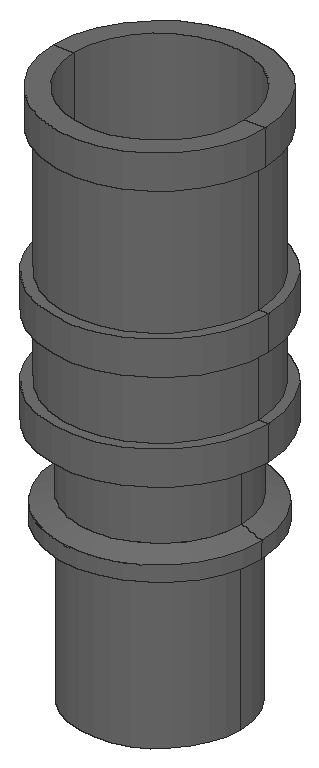
Revit family "Quick_Coupling-Grohe-64999", category Plumbing Fixtures, Revit 2019
Family settings
  Round Connector Dimension = Use Diameter
  Part Type = Normal
  OmniClass Number = 23.60.30.11.14
  OmniClass Title = Pipework Fittings
  Work Plane-Based = Yes
  Always vertical = No
  Cut with Voids When Loaded = No
  Shared = Yes
  Room Calculation Point = No
Parameters (values of type "64999")
  Width = 1"
  Waste Connection = no
  Vent Connection = no
  URL = "https://www.grohe.us/"
  Tempered Water Connection Radius = Tempered Water Connection Diameter / 2  # 1/2"
  Tempered Water Connection Diameter = 1"
  Tempered Water Connection = yes
  Product Page URL = "https://www.grohe.us/Bathroom-Faucet-Fittings-and-Spare-Parts/Quick-Coupling/GROHE-CHROME-64999000"
  Price = "Prices may vary. Please consult Manufacturer Representative for most up-to-date price list."  # constant formula
  Model = "64999"
  Material = "Plastic-Grohe-Black"
  Manufacturer = "Grohe"
  Length = 1"
  Height = 2 1/2"
  HW Connection = no
  Flow Rate = "1.5 gpm"
  Finish = Plastic-Grohe-Black
  Description = "Universal Quick Coupling"
  Default Elevation = 0"
  Creation Date = "04/20/2022"  # constant formula
  CW Connection = no
  Assembly Code = "D2040100"
Reference planes (in)
  plane 1 "Center (Front/Back)": y = 0
  plane 2: z = 0
  plane 3 "Center (Left/Right)": x = 0
  plane 4: z = 2.5
  plane 5: x = -0.5
  plane 6: x = 0.5
Forms (in)
  Revolve 1, solid, material "Plastic-Grohe-Black" <- "Finish"
    sketch origin (0, 0, 0) x (1, 0, 0) y (0, 0, 1)
      loop
        line (-0.37619, 1.14063) -> (-0.37619, 0.84239) -> (-0.46875, 0.80469) -> (-0.46875, 0.73396) -> (-0.37225, 0.73396) -> (-0.37225, 0) -> (-0.33558, 0) -> (-0.33558, 0.73396) -> (-0.33558, 1.29679) -> (-0.39062, 1.29679) -> (-0.39062, 2.5) -> (-0.48437, 2.5) -> (-0.48437, 2.34384) -> (-0.45312, 2.34384) -> (-0.45312, 1.74672) -> (-0.5, 1.74672) -> (-0.5, 1.59056) -> (-0.45312, 1.59056) -> (-0.45312, 1.29679) -> (-0.5, 1.29679) -> (-0.5, 1.14063) -> (-0.37619, 1.14063)
      axis (0, 2.5) -> (0, 0)
    angle from 0 to 360
Lines and regions (in)
  Masking region 1
    outline origin (0, 0, 0) x (1, 0, 0) y (0, 1, 0)
      loop
        circle (0, 0) r 0.5
  symbolic lines, detail levels medium+fine
    curve 1: arc (-0.07777, 0, 0) -> (0, 0.07777, 0) -> (0.07777, 0, 0) r 0.07777
    curve 2: arc (0.07777, 0, 0) -> (0, -0.07777, 0) -> (-0.07777, 0, 0) r 0.07777
  symbolic lines, detail levels fine
    curve 3: arc (-0.3125, 0, 0) -> (0, 0.3125, 0) -> (0.3125, 0, 0) r 0.3125
    curve 4: arc (0.3125, 0, 0) -> (0, -0.3125, 0) -> (-0.3125, 0, 0) r 0.3125
Dimensions and locks (in)
  "Height": plane 4 to plane 2
  "Width": plane 6 to plane 5
  equal spacing: plane 6, plane 3 "Center (Left/Right)", plane 5  (x2)
  plane 4 to Revolve 1 sketch curve to Revolve 1 sketch curve to Revolve 1 sketch curve to Revolve 1 sketch curve to Revolve 1 sketch curve = 0.15616" locked, 0.59711" locked, 0.15616" locked, 0.29377" locked, 0.15616" locked
  plane 5 to plane 6 = 1"
Automatic sketch dimensions
  plane 1 "Center (Front/Back)" to curve 1 = 0"
  curve 2 to plane 3 "Center (Left/Right)" = 0"
  plane 5 to curve 2 = 0.42223"
  curve 1 to curve 3 = 0"  (x2)
  plane 5 to curve 4 = 3/16"
  Masking region 1 sketch curve to Masking region 1 sketch curve = 0"  (x2)
  plane 1 "Center (Front/Back)" to Masking region 1 sketch curve = 0"
  Masking region 1 sketch curve to plane 5 = 0"
  Masking region 1 sketch curve to plane 3 "Center (Left/Right)" = 0"
  Revolve 1 sketch curve to plane 5 = 0"  (x2)
  Revolve 1 sketch curve to plane 4 = 0"  (x2)
  Revolve 1 sketch curve to level = 0"  (x2)
  Revolve 1 sketch curve to plane 3 "Center (Left/Right)" = 0"
  plane 5 to Revolve 1 sketch curve = 1/64"
  plane 5 to Revolve 1 sketch curve = 1/32"
  plane 5 to Revolve 1 sketch curve = 3/64"  (x2)
  Revolve 1 sketch curve to Revolve 1 sketch curve = 1/16"
  Revolve 1 sketch curve to Revolve 1 sketch curve = 0.09256"
  Revolve 1 sketch curve to Revolve 1 sketch curve = 0.05505"
  Revolve 1 sketch curve to Revolve 1 sketch curve = 0.40667"
  Revolve 1 sketch curve to Revolve 1 sketch curve = 0.07073"
  Revolve 1 sketch curve to Revolve 1 sketch curve = 0.03771"
  Revolve 1 sketch curve to Revolve 1 sketch curve = 0"  (x2)
  Revolve 1 sketch curve to Revolve 1 sketch curve = 0.0965"
Connectors (in)
  piping at (0, 0, 0), diameter 1, driven by "Tempered Water Connection Diameter"
    settings: on Revolve 1, index 1, connector inside diameter 24", connector length 0", flow factor 0, pipe flow 0 GPM, pressure drop 0.00 psi, fitting loss kfactor 0, connector angle 0.00°, fixture units 0, engagement length 0", angle of deflection 0.00°, flow configuration 0, flow direction 1, fitting loss method 0, system type 22, joint type 0, gender type 0, connector reference index -1, connector utility 0, adjustable connector no, is connector primary yes, connector description "1\" DIA Inlet"
  piping at (0, 0, 2.5), diameter 1, driven by "Tempered Water Connection Diameter"
    settings: on Revolve 1, index 2, connector inside diameter 24", connector length 0", flow factor 0, pipe flow 0 GPM, pressure drop 0.00 psi, fitting loss kfactor 0, connector angle 0.00°, fixture units 0, engagement length 0", angle of deflection 0.00°, flow configuration 0, flow direction 2, fitting loss method 0, system type 22, joint type 0, gender type 0, connector reference index -1, connector utility 0, adjustable connector no, is connector primary no, connector description "1\" DIA Outlet"
